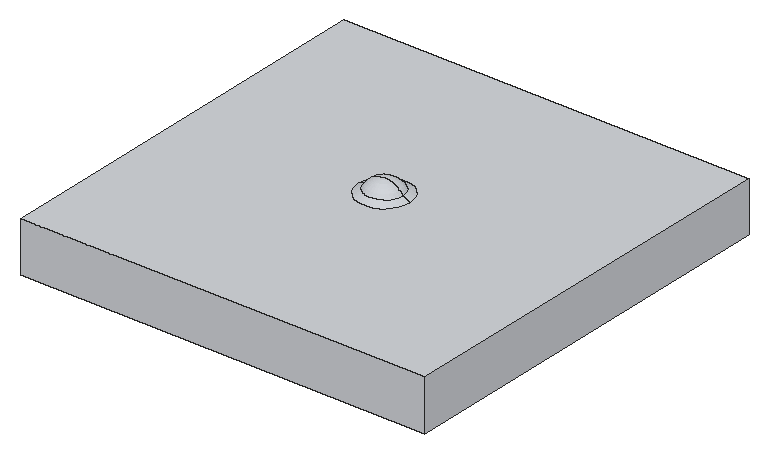
Revit family "RESIDETECT", category Luminaires, Revit 2021
Family settings
  Hôte = Face
  Cote de connecteur circulaire = Utiliser le diamètre
  Type d'élément = Normal
  Couper avec des vides une fois chargée = Oui
  Source d'éclairage = Oui
  Partagée = Non
  Point de calcul de pièce = Oui
Parameters (values of type "830251 + 931037")
  rayon = 152 mm  # constant formula
  nbr poles = 1  # constant formula
  indice de charge = Eclairage
  hauteur lum = 110 mm  # constant formula
  chanfrein = 2 mm  # constant formula
  URL = "https://www.resistex-sa.com/fr/ampoule-led-bulb-1521lm-3000k-1172.html"
  Tension = 230 V  # constant formula
  built-in parameter 1150107 = 3000 (stored number, unit not read)
  Wattage = 13 W
  built-in parameter 1150110 = 1 (stored number, unit not read)
  built-in parameter 1150109 = 1 (stored number, unit not read)
  built-in parameter 1114218 = 1 (stored number, unit not read)
  built-in parameter 1150113 = 1 (stored number, unit not read)
  built-in parameter 1150112 = 1 (stored number, unit not read)
  built-in parameter 1150137 = (empty or 0)
  built-in parameter 1150132 = (empty or 0)
  Modèle = "RESIDETECT LED"
  built-in parameter 1150105 = 121.04 (stored number, unit not read)
  built-in parameter 1150102 = (empty or 0)
  Type Image = (empty or 0)
  IP = "IP 44"  # constant formula
  IK = "IK 10"  # constant formula
  Gradation des changements de température de couleur de lampe = <Aucun>
  Garantie = "2 ans"  # constant formula
  Lumens = 1521 lm
  Color Filter = 16777215
  Fichier de distribution photométrique = "RESIDETECT_830251_LD.ies"
  built-in parameter 1114217 = 1 (stored number, unit not read)
  built-in parameter 1150139 = (empty or 0)
  Fabricant = "Resistex"  # constant formula
  Emit from Circle Diameter = 609.6 mm
  Emettre la visibilité des formes dans le rendu = no
  Default Elevation = 1219.2 mm
  built-in parameter 1150104 = 10.87 (stored number, unit not read)
  built-in parameter 1150106 = 1.2104 (stored number, unit not read)
  built-in parameter 1150115 = 1 (stored number, unit not read)
  built-in parameter 1150114 = 1 (stored number, unit not read)
  Description = "Hublot équipé dune platine LED\r\nDétection IR/Simple\r\nCouleur : Blanc - RAL approchant 9004\r\nIP 44, IK 10\r\nDiam. 304mm x Haut. 110mm\r\nFlux restitué 948lm\r\nConso. système 11.6W\r\nEfficacité lumineuse produit complet 81.7lm/W\r\nLM80 L70F50 à 50000h (Ta25°C)\r\nSVM 0.017\r\nPstLM 0.052\r\nDiffuseur Polycarbonate Direct/Symétrique Opalescent, Corps en Polycarbonate\r\nIRC >82\r\nGarantie 2 ans\r\nEmpreinte carbone 0.62gCO2/h\r\nIndice de réparabilité 9,1"  # constant formula
  built-in parameter 1150138 = (empty or 0)
  built-in parameter 1150134 = (empty or 0)
  Commentaires relatifs à la puissance = "13"
  Apparent Load = 26 VA
  built-in parameter 1140040 [instance] = (empty or 0)
  Tilt Angle = 60.00°
  built-in parameter 1150133 = 10 (stored number, unit not read)
Types (3, lengths in mm): name | URL | Wattage | built-in parameter 1150105 | Lumens | Fichier de distribution photométrique | built-in parameter 1150104 | built-in parameter 1150106 | Commentaires relatifs à la puissance | Apparent Load
  (no name) | "https://www.resistex-sa.com/fr/ampoule-led-bulb-1521lm-3000k-1172.html" | 13 W | 121.04 (stored number, unit not read) | 1521 lm | "RESIDETECT_830251_LD.ies" | 10.87 (stored number, unit not read) | 1.2104 (stored number, unit not read) | "13" | 26 VA
  830271 | "https://www.resistex-sa.com/fr/residetect-led-948lm-bl-4000k-182.html" | 11.6 W | 875.1 (stored number, unit not read) | 10996.8 lm | "RESIDETECTLED_830271_AE.ies" | 88.072 (stored number, unit not read) | 8.751 (stored number, unit not read) | "11.6" | 16.57 VA
  830251 + 931037 | "https://www.resistex-sa.com/fr/ampoule-led-bulb-1521lm-3000k-1172.html" | 13 W | 121.04 (stored number, unit not read) | 1521 lm | "RESIDETECT_830251_LD.ies" | 10.87 (stored number, unit not read) | 1.2104 (stored number, unit not read) | "13" | 26 VA
Reference planes
  plane 1 "Centre (avant/arrière)": y = 0
  plane 2: z = 0
  plane 3 "Centre (gauche/droite)": x = 0
  plane 4: x = -152
  plane 5: x = 152
  plane 6: y = -152
  plane 7: y = 152
  plane 8 "1": z = 110
  plane 9: x = 150
Forms (mm)
  Extrusion 1, solid
    sketch origin (0, 0, 0) x (1, 0, 0) y (0, 1, 0)
      loop
        line (-1219.2, 1219.2) -> (-1219.2, -1219.2) -> (1219.2, -1219.2) -> (1219.2, 1219.2) -> (-1219.2, 1219.2)
    from 0 to -304.8
  Revolve 2, solid
    sketch origin (0, 0, 0) x (1, 0, 0) y (0, 0, 1)
      loop
        line (65, 0) -> (152, 30.937) -> (109.598, 54.568)
        arc (109.598, 54.568) -> (61.98, 96.482) -> (0, 110) r 126.461
        line (0, 110) -> (0, 0) -> (65, 0)
      axis (0, 0) -> (0, 110)
    angle from 0 to 360
Dimensions and locks
  "hauteur lum": level to plane 8 "1"
  equal spacing: plane 4, plane 3 "Centre (gauche/droite)", plane 5
  equal spacing: plane 7, plane 1 "Centre (avant/arrière)", plane 6
  "rayon": plane 6 to plane 1 "Centre (avant/arrière)"
  "rayon": plane 4 to plane 3 "Centre (gauche/droite)"
  "chanfrein": plane 9 to plane 5
  aligned and locked: plane 2 to Extrusion 1
  aligned and locked: level to Extrusion 1
  aligned and locked: plane 3 "Centre (gauche/droite)" to Revolve 2 sketch curve
Automatic sketch dimensions
  Extrusion 1 sketch curve to Extrusion 1 sketch curve = 2438.4 mm  (x2)
  Revolve 2 sketch curve to level = 0 mm
  Revolve 2 sketch curve to plane 3 "Centre (gauche/droite)" = 0 mm
  plane 5 to Revolve 2 sketch curve = 0 mm
  Revolve 2 sketch curve to plane 8 "1" = 0 mm
  plane 3 "Centre (gauche/droite)" to Revolve 2 sketch curve = 4.904 mm
  Revolve 2 sketch curve to Revolve 2 sketch curve = 60.096 mm
  plane 9 to Revolve 2 sketch curve = 40.402 mm
  Revolve 2 sketch curve to level = 16.366 mm
  level to Revolve 2 sketch curve = 30.937 mm
  Revolve 2 sketch curve to Revolve 2 sketch curve = 553.234 mm
  plane 8 "1" to Revolve 2 sketch curve = 2539.058 mm
Connectors
  electrical at (0, 0, 110), driven by "nbr poles", driven by "indice de charge", driven by "Tension", driven by "Apparent Load"
    settings: index 1, voltage 230 V, apparent load 0 VA, apparent load phase1 26 VA, apparent load phase2 0 VA, apparent load phase3 0 VA, power factor 1, load classification "Eclairage", number of poles 1, system type 31, power factor state 1, is connector primary yes, connector utility no, sub classification motor no, connector description ""
